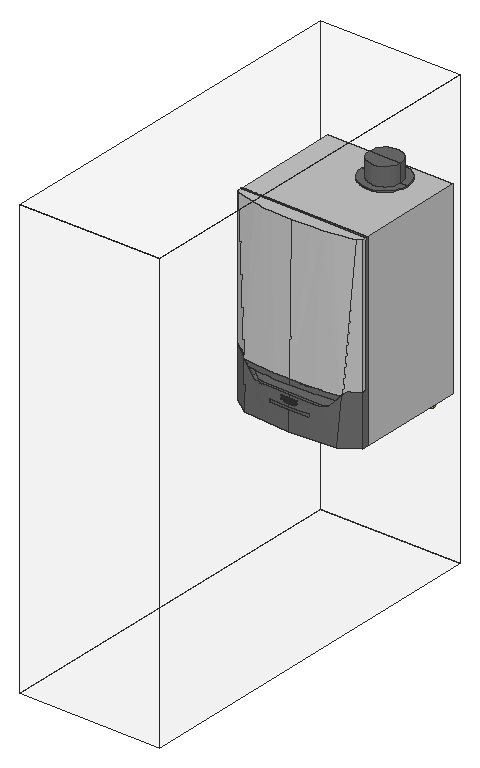
Revit family "Remeha_QuintaAce45_LOD5", category Mechanical Equipment, Revit 2016
Family settings
  Part Type = Normal
  Round Connector Dimension = Use Diameter
  OmniClass Number = 23.75.10.11.14
  OmniClass Title = Hot Water Heat Generators
  Work Plane-Based = No
  Always vertical = Yes
  Cut with Voids When Loaded = Yes
  Shared = No
  Room Calculation Point = No
Parameters (values of type "80/125 Conventional Flue Connection - 80 Connector")
  Weekly = ""
  Water Treatment Required = yes
  Water Content = 4.3 L
  Warranty ID = ""
  Voltage = 230 V
  URL = ""
  Type = "Space heating"
  Turndown Ratio = "5.02:1"
  Text Material = Paint - Black
  Supply Phase = 1
  Starting Current = 0 A
  Sound Pressure Level = "45.1"
  Shipping Weight = 61.00 kg
  Shape = "Rectangular (Vertical)"
  Safety Valve Connection Type = "Unset"
  Safety Valve Connection Size = 0.00 mm
  Responsible Sourcing of Materials = ""
  Responsible Extraction of Materials = ""
  Reference Standard = "GAR 2016/426, BED 92/42/EEC, ErP 2009/123/EC"
  Rated Output = 40800 W
  Rated Criteria = "80/60"
  Quarterly = ""
  Product Range = "Quinta Ace 45"
  Product Model Number = ""
  Product Literature = "https://www.remeha.co.uk/products/wall-hung-range/quinta-ace-30-115"
  Primary Fuel = "Gas - NG"
  Overall Width = 500.00 mm
  Overall Length = 500.00 mm
  Overall Height = 750.00 mm
  Optional Fuel = "LPG"
  Operation and Maintenance Manual = "https://www.remeha.co.uk/products/wall-hung-range/quinta-ace-30-115"
  Oil Consumption rate = 0
  Nominal Oil Inlet Pressure = 0.00000 bar
  Nominal Gas Inlet Pressure = 0.02000 bar
  NOx Emissions = "33"
  Mounting = "Wall Mounted"
  Monthly = ""
  Model = ""
  Minimum Power Consumption = 20 W
  Minimum Operating Pressure = 0.80000 bar
  Minimum Oil Inlet Pressure = 0.00000 bar
  Minimum Gas Inlet Pressure = 0.01700 bar
  Minimum Flow Rate at 20C temperature differential = 0.49 L/s
  Minimum Flow Rate at 11C temperature differential = 0.89 L/s
  Maximum Power Consumption = 75 W
  Maximum Operating Pressure = 4.00000 bar
  Maximum Oil Inlet Pressure = 0.00000 bar
  Maximum Gas Inlet Pressure = 0.02500 bar
  Material Ingredient Reporting = ""
  Manufacturer Website = "www.remeha.co.uk"
  Manufacturer = "Remeha Commercial"
  Maintenance Required 8001 to 12000hrs = ""
  Maintenance Required 601 to 1000hrs = ""
  Maintenance Required 4001 to 8000hrs = ""
  Maintenance Required 301 to 600hrs = ""
  Maintenance Required 2001 to 4000hrs = ""
  Maintenance Required 1001 to 2000hrs = ""
  Maintenance Required 0 to 300hrs = ""
  Location of Manufacturer = ""
  Load Classification = none
  Life Cycle Analysis = ""
  Interlocks = yes
  IfcExportType = "NOTDEFINED"  # constant formula
  IfcExportAs = "IfcBoilerType"  # constant formula
  IP Rating = "X4D"
  IK Rating = "Not Required"
  Hydraulic Resistance at 20C temperature differential = 0.11400 bar
  Hydraulic Resistance at 11C temperature differential = 0.37600 bar
  Heater Operation = "Condensing"
  Heat Exchanger Material = "Aluminium"
  Gross Weight = 54.30 kg
  Green Guide for Specification = ""
  Gas Consumption rate = "4.4"
  Fuse Rating = 2.5 A
  Full Load Current = 0 A
  Fuel Connection Type = "Threaded"
  Fuel Connection Size = 20.00 mm
  Frequency = 50 Hz
  Flue or Air Intake Classification = "B23p,B33,C13, C33, C53, C63, C93"
  Flue Radius = Air Inlet Connection Size / 2  # 62.50 mm
  Flue Connector Size = 80 mm
  Flue Connection size = 80.00 mm
  Flow and Return Connection Type = "Threaded"
  Flow and Return Connection Size = 32.00 mm
  Finish = "High Polish Gardner 60 GRAD 91EH"
  Features = "Remeha's Quinta Pro range are compact high efficiency wall hung condensing boilers. Lighter and more efficienct, their small size make them ideally suited to modular arrangments"
  External Material = "Steel"
  Expected Life = "15"
  ErP Seasonal Efficiency = "94"
  ErP Rated Efficiency at Part Load = "0"
  ErP Rated Efficiency at Full Load = "0"
  ErP Energy Label = "A"
  Environmental Product Declaration = ""
  Energy Technology List = "0"
  Embodied Carbon = ""
  Drain Connection Type = "Unset"
  Drain Connection Size = 25.00 mm
  Description = ""
  Daily = ""
  Control Type = "'0 - 10V, Open Therm, Volt free enable, Direct boiler weather compensating control systems available from Remeha as optional extra's."
  Configuration = "Single boiler"
  Condensate Drain Type = "Plain"
  Condensate Drain Size = 32.00 mm
  Colour = "RAL 9016"
  Clearance Box Visibility [instance] = yes
  Classification.Uniclass.Pr.Number [instance] = "Pr_60_60_08_34"
  Classification.Uniclass.Pr.Description [instance] = "Gas fired Condensing Boilers"
  CE Mark = "0063CS3928"
  Burner Control Type = "Modulating"
  Building Regulations Seasonal Efficiency = "97.64"
  Bespoke Timeframe = ""
  BMS Links = yes
  Annually = "As Per Attached URL O&M Manual"
  Air Inlet Connection Size = 125.00 mm
  Additional Technical Details = "https://www.remeha.co.uk/products/wall-hung-range/quinta-ace-30-115"
  Access Clearance Top = 400.00 mm
  Access Clearance Right = 30.00 mm
  Access Clearance Rear = 0.00 mm
  Access Clearance Left = 30.00 mm
  Access Clearance Front = 1000.00 mm
  Access Clearance Bottom = 600.00 mm
  6 Monthly = ""
Types (2, lengths in mm): name | Flue Connector Size
  80/125 Conventional Flue Connection - 80 Connector | 80
  80/125 Concentric Flue Connection - 125 Connector | 125
Reference planes
  plane 1 "Center (Front/Back)": y = 0
  plane 2: z = 0
  plane 3 "Center (Left/Right)": x = 0
  plane 4: y = -50
  plane 5: y = -75
  plane 6: x = -115
  plane 7: x = 59
  plane 8: x = 119.4
  plane 9: x = 200
  plane 10: x = 250
  plane 11: y = -101
  plane 12: x = -250
  plane 13: y = -500
  plane 14: x = -280
  plane 15: x = 280
  plane 16: y = -1500
  plane 17: y = 0
  plane 18: z = 750
  plane 19: z = 1150
  plane 20: z = -600
  plane 21: z = 824.467
Forms (mm)
  Sweep 1, solid, material "101_240_115"
    path origin (453.507, -50, 3000) x (1, 0, 0) y (0, 0, 1)
      loop
        line (-568.507, -3039.462) -> (-568.507, -3000)
    profile origin (-115, -50, -19.731) x (-1, 0, 0) y (0, -1, 0)
      loop
        circle (0, 0) r 21.2
  Sweep 2, solid
    path origin (453.507, -75, 3000) x (1, 0, 0) y (0, 0, 1)
      loop
        line (-394.507, -3012.462) -> (-394.507, -3000)
    profile origin (59, -75, -6.231) x (-1, 0, 0) y (0, -1, 0)
      loop
        circle (0, 0) r 16.25
  Sweep 3, solid, material "229_0_0"
    path origin (687.907, -50, 3000) x (1, 0, 0) y (0, 0, 1)
      loop
        line (-568.507, -3039.662) -> (-568.507, -3000)
    profile origin (119.4, -50, -19.831) x (-1, 0, 0) y (0, -1, 0)
      loop
        circle (0, 0) r 21.2
  Sweep 4, solid, material "229_229_0"
    path origin (768.507, -50, 3000) x (1, 0, 0) y (0, 0, 1)
      loop
        line (-568.507, -3040) -> (-568.507, -3000)
    profile origin (200, -50, -20) x (-1, 0, 0) y (0, -1, 0)
      loop
        circle (0, 0) r 13.5
  Revolve 5, solid, material "51_51_51"
    sketch origin (453.507, -101, 2990) x (1, 0, 0) y (0, 0, 1)
      loop
        line (-394.507, -2240) -> (-303.507, -2240) -> (-303.507, -2236.533) -> (-332.007, -2236.533) -> (-332.007, -2165.533) -> (-394.507, -2165.533) -> (-394.507, -2240)
      axis (-394.507, -2165.533) -> (-394.507, -2240)
    angle from 0 to 360
  Extrusion 6, solid, material "192_192_192"
    sketch origin (0, 5.687, 0) x (1, 0, 0) y (0, 1, 0)
      loop
        line (-250, -5.687) -> (-250, -432.687) -> (250, -432.687) -> (250, -5.687) -> (-250, -5.687)
    from 0 to 750
  Blend 7, solid, material "51_51_51"
    base sketch origin (0, 5.69, 0) x (1, 0, 0) y (0, 1, 0)
      loop
        line (249.735, -456.82) -> (250.139, -433.688) -> (-250.139, -433.688) -> (-249.735, -456.82) -> (-184.568, -502.286)
        arc (-184.568, -502.286) -> (-92.429, -510.231) -> (0, -513.311) r 1755.189
        arc (0, -513.311) -> (92.429, -510.231) -> (184.568, -502.286) r 1755.189
        line (184.568, -502.286) -> (249.735, -456.82)
    top sketch origin (0, 5.69, 0) x (1, 0, 0) y (0, 1, 0)
      loop
        line (250.139, -433.688) -> (-250.139, -433.688) -> (-249.716, -457.885) -> (-235.73, -467.643)
        arc (-235.73, -467.643) -> (-118.82, -490.038) -> (0, -497.214) r 923.864
        arc (0, -497.214) -> (118.82, -490.038) -> (235.73, -467.643) r 923.864
        line (235.73, -467.643) -> (249.716, -457.885) -> (250.139, -433.688)
    from 0 to 750
  Extrusion 8, void
    sketch origin (0, 0, 0) x (1, 0, 0) y (0, 0, 1)
      loop
        arc (-216.741, 202.277) -> (-209.657, 200.826) -> (-203.818, 196.561) r 17
        line (-203.818, 196.561) -> (-154.08, 141.623)
        arc (-154.08, 141.623) -> (-140.311, 131.663) -> (-123.686, 128.141) r 41
        line (-123.686, 128.141) -> (123.686, 128.141)
        arc (123.686, 128.141) -> (140.311, 131.663) -> (154.08, 141.623) r 41
        line (154.08, 141.623) -> (203.818, 196.561)
        arc (203.818, 196.561) -> (209.657, 200.826) -> (216.741, 202.277) r 17
        line (216.741, 202.277) -> (251.211, 201.857) -> (251.211, 781.159) -> (-251, 781.159) -> (-251, 201.86) -> (-216.741, 202.277)
      loop
        line (-190.992, 184.8) -> (-177.118, 169.664)
        arc (-177.118, 169.664) -> (-172.1, 166.07) -> (-166.06, 164.8) r 15
        line (-166.06, 164.8) -> (166.06, 164.8)
        arc (166.06, 164.8) -> (172.1, 166.07) -> (177.118, 169.664) r 15
        line (177.118, 169.664) -> (190.992, 184.8) -> (-190.992, 184.8)
    from 433.688 to 506.661
  Extrusion 9, void
    sketch origin (0, 5.69, 0) x (0, 1, 0) y (0, 0, 1)
      loop
        line (-507.075, 87.668) -> (-512.351, 87.668) -> (-512.351, 74.979) -> (-507.075, 74.979) -> (-507.075, 87.668)
    from -80 to 80
  Extrusion 10, solid, material "51_51_51"
    sketch origin (0, 5.69, 0) x (0, 1, 0) y (0, 0, 1)
      loop
        line (-494.881, 127.103) -> (-439.378, 127.103) -> (-439.378, 169.103) -> (-474.396, 169.103) -> (-494.881, 127.103)
    from -180 to 180
  Blend 11, solid, material "192_192_192"
    base sketch origin (0, 5.69, 0) x (1, 0, 0) y (0, 1, 0)
      loop
        line (249.735, -456.82) -> (250.139, -433.688) -> (-250.139, -433.688) -> (-249.735, -456.82) -> (-184.568, -502.286)
        arc (-184.568, -502.286) -> (-92.429, -510.231) -> (0, -513.311) r 1755.189
        arc (0, -513.311) -> (92.429, -510.231) -> (184.568, -502.286) r 1755.189
        line (184.568, -502.286) -> (249.735, -456.82)
    top sketch origin (0, 5.69, 0) x (1, 0, 0) y (0, 1, 0)
      loop
        line (250.139, -433.688) -> (-250.139, -433.688) -> (-249.716, -457.885) -> (-235.73, -467.643)
        arc (-235.73, -467.643) -> (-118.82, -490.038) -> (0, -497.214) r 923.864
        arc (0, -497.214) -> (118.82, -490.038) -> (235.73, -467.643) r 923.864
        line (235.73, -467.643) -> (249.716, -457.885) -> (250.139, -433.688)
    from 0 to 750
  Extrusion 12, void
    sketch origin (1400, 0, 0) x (1, 0, 0) y (0, 0, 1)
      loop
        line (-1651, 0) -> (-1148.789, 0) -> (-1148.789, 203.538) -> (-1183.579, 203.961)
        arc (-1183.579, 203.961) -> (-1191.131, 202.462) -> (-1197.432, 198.036) r 18.627
        line (-1197.432, 198.036) -> (-1206.67, 188.061)
        arc (-1206.67, 188.061) -> (-1208.371, 186.852) -> (-1210.413, 186.426) r 5.101
        line (-1210.413, 186.426) -> (-1400, 186.426) -> (-1589.587, 186.426)
        arc (-1589.587, 186.426) -> (-1591.629, 186.852) -> (-1593.33, 188.061) r 5.101
        line (-1593.33, 188.061) -> (-1602.568, 198.036)
        arc (-1602.568, 198.036) -> (-1608.869, 202.462) -> (-1616.421, 203.961) r 18.627
        line (-1616.421, 203.961) -> (-1651, 203.54) -> (-1651, 0)
    from 433.69 to 511.105
  Extrusion 13, solid, material "Clearance", visible <- "Clearance Box Visibility"
    sketch origin (0, 0, 0) x (1, 0, 0) y (0, 1, 0)
      loop
        line (-280, 0) -> (-280, -1500) -> (280, -1500) -> (280, 0) -> (-280, 0)
    from -600 to 1150
  Extrusion 14, solid, material "Paint - Black" <- "Text Material"
    sketch origin (0, 0, 0) x (1, 0, 0) y (0, 0, 1)
      loop
        line (-30.625, 120.395) -> (-30.625, 118.213) -> (30.625, 118.213) -> (30.625, 120.395) -> (-30.625, 120.395)
      loop
        line (-30.625, 106.032) -> (30.625, 106.032) -> (30.625, 108.213) -> (-30.625, 108.213) -> (-30.625, 106.032)
      loop
        line (-28.307, 116.676) -> (-28.307, 109.282) -> (-20.805, 109.282) -> (-20.805, 112.183) -> (-19.053, 112.183)
        arc (-19.053, 112.183) -> (-18.314, 111.847) -> (-18.083, 111.068) r 0.979
        arc (-18.083, 111.068) -> (-18.083, 110.157) -> (-17.832, 109.282) r 3.272
        line (-17.832, 109.282) -> (-16.376, 109.282)
        arc (-16.376, 109.282) -> (-16.561, 110.336) -> (-16.618, 111.404) r 8.915
        arc (-16.618, 111.404) -> (-16.885, 112.268) -> (-17.601, 112.822) r 1.5
        arc (-17.601, 112.822) -> (-16.323, 115.034) -> (-18.28, 116.676) r 1.987
        line (-18.28, 116.676) -> (-20.805, 116.676) -> (-28.307, 116.676)
      loop
        line (-20.805, 115.402) -> (-20.805, 113.382) -> (-18.787, 113.382)
        arc (-18.787, 113.382) -> (-18.37, 113.534) -> (-18.148, 113.918) r 0.649
        arc (-18.148, 113.918) -> (-18.033, 114.426) -> (-18.159, 114.93) r 1.124
        arc (-18.159, 114.93) -> (-18.505, 115.276) -> (-18.976, 115.402) r 0.944
        line (-18.976, 115.402) -> (-20.805, 115.402)
      loop
        line (-26.948, 115.402) -> (-26.948, 110.655) -> (-22.202, 110.655) -> (-22.202, 115.402) -> (-26.948, 115.402)
      loop
        line (-9.068, 114.754) -> (-10.47, 114.754) -> (-10.47, 109.282) -> (-8.958, 109.282) -> (-8.958, 112.222)
        arc (-8.958, 112.222) -> (-8.681, 113.022) -> (-7.968, 113.478) r 1.291
        arc (-7.968, 113.478) -> (-7.458, 113.497) -> (-6.98, 113.316) r 1.291
        line (-6.98, 113.316) -> (-6.98, 114.889)
        arc (-6.98, 114.889) -> (-8.226, 114.723) -> (-9.068, 113.79) r 1.823
        line (-9.068, 113.79) -> (-9.068, 114.754)
      loop
        line (-5.139, 111.705) -> (-1.277, 111.705)
        arc (-1.277, 111.705) -> (-3.967, 114.88) -> (-6.562, 111.627) r 2.694
        arc (-6.562, 111.627) -> (-4.23, 109.192) -> (-1.394, 111.016) r 2.651
        line (-1.394, 111.016) -> (-2.704, 111.016)
        arc (-2.704, 111.016) -> (-4.224, 110.293) -> (-5.139, 111.705) r 1.276
      loop
        line (-5.147, 112.62) -> (-2.707, 112.62)
        arc (-2.707, 112.62) -> (-3.927, 113.841) -> (-5.147, 112.62) r 1.22
      loop
        line (1.337, 113.988) -> (1.337, 114.776) -> (-0.066, 114.776) -> (-0.066, 109.389) -> (1.396, 109.389) -> (1.396, 112.819)
        arc (1.396, 112.819) -> (2.357, 113.78) -> (3.318, 112.819) r 0.961
        line (3.318, 112.819) -> (3.318, 109.389) -> (4.781, 109.389) -> (4.781, 112.819)
        arc (4.781, 112.819) -> (5.723, 113.761) -> (6.665, 112.819) r 0.942
        line (6.665, 112.819) -> (6.665, 109.389) -> (8.107, 109.389) -> (8.107, 112.925)
        arc (8.107, 112.925) -> (8.131, 113.503) -> (7.91, 114.038) r 1.349
        arc (7.91, 114.038) -> (6.224, 114.92) -> (4.538, 114.038) r 2.053
        arc (4.538, 114.038) -> (2.923, 114.936) -> (1.337, 113.988) r 1.848
      loop
        line (10.835, 111.705) -> (14.697, 111.705)
        arc (14.697, 111.705) -> (12.007, 114.88) -> (9.413, 111.627) r 2.694
        arc (9.413, 111.627) -> (11.745, 109.192) -> (14.58, 111.016) r 2.651
        line (14.58, 111.016) -> (13.271, 111.016)
        arc (13.271, 111.016) -> (11.751, 110.293) -> (10.835, 111.705) r 1.276
      loop
        line (10.827, 112.62) -> (13.268, 112.62)
        arc (13.268, 112.62) -> (12.048, 113.841) -> (10.827, 112.62) r 1.22
      loop
        line (17.364, 116.805) -> (15.821, 116.805) -> (15.821, 109.416) -> (17.364, 109.416) -> (17.364, 112.62)
        arc (17.364, 112.62) -> (18.386, 113.878) -> (19.408, 112.62) r 1.044
        line (19.408, 112.62) -> (19.408, 109.416) -> (20.934, 109.416) -> (20.934, 113.081)
        arc (20.934, 113.081) -> (19.516, 114.929) -> (17.364, 114.038) r 1.913
        line (17.364, 114.038) -> (17.364, 116.805)
      loop
        line (22.242, 113.094) -> (23.722, 113.094)
        arc (23.722, 113.094) -> (23.883, 113.574) -> (24.311, 113.847) r 0.76
        arc (24.311, 113.847) -> (24.781, 113.923) -> (25.255, 113.868) r 1.739
        arc (25.255, 113.868) -> (25.672, 113.375) -> (25.347, 112.817) r 0.559
        arc (25.347, 112.817) -> (24.586, 112.573) -> (23.79, 112.514) r 3.395
        arc (23.79, 112.514) -> (23.01, 112.359) -> (22.39, 111.862) r 1.672
        arc (22.39, 111.862) -> (22.047, 110.754) -> (22.507, 109.69) r 1.672
        arc (22.507, 109.69) -> (23.456, 109.312) -> (24.477, 109.296) r 2.817
        arc (24.477, 109.296) -> (25.226, 109.546) -> (25.673, 110.197) r 1.24
        arc (25.673, 110.197) -> (25.722, 109.795) -> (25.841, 109.407) r 2.328
        line (25.841, 109.407) -> (27.312, 109.407)
        arc (27.312, 109.407) -> (27.148, 109.949) -> (27.093, 110.512) r 2.901
        line (27.093, 110.512) -> (27.093, 113.568)
        arc (27.093, 113.568) -> (26.736, 114.43) -> (25.874, 114.787) r 1.219
        arc (25.874, 114.787) -> (24.773, 114.91) -> (23.672, 114.787) r 4.994
        arc (23.672, 114.787) -> (22.673, 114.18) -> (22.242, 113.094) r 1.837
      loop
        arc (23.575, 111.229) -> (23.583, 110.746) -> (23.888, 110.371) r 0.737
        arc (23.888, 110.371) -> (24.388, 110.254) -> (24.895, 110.337) r 1.324
        arc (24.895, 110.337) -> (25.433, 110.755) -> (25.637, 111.405) r 1.14
        line (25.637, 111.405) -> (25.637, 112.191)
        arc (25.637, 112.191) -> (25.209, 111.86) -> (24.672, 111.801) r 0.999
        arc (24.672, 111.801) -> (24.028, 111.698) -> (23.575, 111.229) r 1.029
      loop
        line (-14.73, 105.293) -> (-14.73, 102.893)
        arc (-14.73, 102.893) -> (-14.262, 101.761) -> (-13.13, 101.293) r 1.6
        line (-13.13, 101.293) -> (-11.33, 101.293)
        arc (-11.33, 101.293) -> (-10.199, 101.761) -> (-9.73, 102.893) r 1.6
        line (-9.73, 102.893) -> (-9.73, 105.293) -> (-10.73, 105.293) -> (-10.73, 102.893)
        arc (-10.73, 102.893) -> (-10.965, 102.327) -> (-11.53, 102.093) r 0.8
        line (-11.53, 102.093) -> (-12.93, 102.093)
        arc (-12.93, 102.093) -> (-13.496, 102.327) -> (-13.73, 102.893) r 0.8
        line (-13.73, 102.893) -> (-13.73, 105.293) -> (-14.73, 105.293)
      loop
        line (23.957, 105.293) -> (19.757, 105.293) -> (19.757, 101.293) -> (23.957, 101.293) -> (23.957, 102.093) -> (20.757, 102.093) -> (20.757, 102.893) -> (23.957, 102.893) -> (23.957, 103.693) -> (20.757, 103.693) -> (20.757, 104.493) -> (23.957, 104.493) -> (23.957, 105.293)
      loop
        line (14.257, 103.693) -> (14.257, 102.893)
        arc (14.257, 102.893) -> (14.726, 101.761) -> (15.857, 101.293) r 1.6
        line (15.857, 101.293) -> (17.657, 101.293)
        arc (17.657, 101.293) -> (18.789, 101.761) -> (19.257, 102.893) r 1.6
        line (19.257, 102.893) -> (18.257, 102.893)
        arc (18.257, 102.893) -> (18.023, 102.327) -> (17.457, 102.093) r 0.8
        line (17.457, 102.093) -> (16.057, 102.093)
        arc (16.057, 102.093) -> (15.492, 102.327) -> (15.257, 102.893) r 0.8
        line (15.257, 102.893) -> (15.257, 103.693)
        arc (15.257, 103.693) -> (15.492, 104.259) -> (16.057, 104.493) r 0.8
        line (16.057, 104.493) -> (17.457, 104.493)
        arc (17.457, 104.493) -> (18.023, 104.259) -> (18.257, 103.693) r 0.8
        line (18.257, 103.693) -> (19.257, 103.693)
        arc (19.257, 103.693) -> (18.789, 104.824) -> (17.657, 105.293) r 1.6
        line (17.657, 105.293) -> (15.857, 105.293)
        arc (15.857, 105.293) -> (14.726, 104.824) -> (14.257, 103.693) r 1.6
      loop
        line (10.851, 105.293) -> (9.07, 101.293) -> (10.164, 101.293) -> (10.521, 102.093) -> (12.619, 102.093) -> (12.975, 101.293) -> (14.07, 101.293) -> (12.289, 105.293) -> (10.851, 105.293)
      loop
        line (10.877, 102.893) -> (12.263, 102.893) -> (11.57, 104.449) -> (10.877, 102.893)
      loop
        line (-20.23, 103.693) -> (-20.23, 102.893)
        arc (-20.23, 102.893) -> (-19.762, 101.761) -> (-18.63, 101.293) r 1.6
        line (-18.63, 101.293) -> (-16.83, 101.293)
        arc (-16.83, 101.293) -> (-16.428, 101.344) -> (-16.052, 101.495) r 1.6
        line (-16.052, 101.495) -> (-15.593, 100.84) -> (-14.937, 101.299) -> (-15.467, 102.055)
        arc (-15.467, 102.055) -> (-15.291, 102.458) -> (-15.23, 102.893) r 1.6
        line (-15.23, 102.893) -> (-15.23, 103.693)
        arc (-15.23, 103.693) -> (-15.699, 104.824) -> (-16.83, 105.293) r 1.6
        line (-16.83, 105.293) -> (-18.63, 105.293)
        arc (-18.63, 105.293) -> (-19.762, 104.824) -> (-20.23, 103.693) r 1.6
      loop
        line (-19.23, 103.693) -> (-19.23, 102.893)
        arc (-19.23, 102.893) -> (-18.996, 102.327) -> (-18.43, 102.093) r 0.8
        line (-18.43, 102.093) -> (-17.03, 102.093)
        arc (-17.03, 102.093) -> (-16.465, 102.327) -> (-16.23, 102.893) r 0.8
        line (-16.23, 102.893) -> (-16.23, 103.693)
        arc (-16.23, 103.693) -> (-16.465, 104.259) -> (-17.03, 104.493) r 0.8
        line (-17.03, 104.493) -> (-18.43, 104.493)
        arc (-18.43, 104.493) -> (-18.996, 104.259) -> (-19.23, 103.693) r 0.8
      loop
        line (-9.23, 105.293) -> (-9.23, 101.293) -> (-8.23, 101.293) -> (-8.23, 105.293) -> (-9.23, 105.293)
      loop
        line (-7.73, 105.293) -> (-7.73, 101.293) -> (-6.73, 101.293) -> (-6.73, 104.493) -> (-4.405, 101.293) -> (-2.73, 101.293) -> (-2.73, 105.293) -> (-3.73, 105.293) -> (-3.73, 102.093) -> (-6.055, 105.293) -> (-7.73, 105.293)
      loop
        line (-2.23, 105.293) -> (-2.23, 104.493) -> (-0.23, 104.493) -> (-0.23, 101.293) -> (0.77, 101.293) -> (0.77, 104.493) -> (2.77, 104.493) -> (2.77, 105.293) -> (-2.23, 105.293)
      loop
        line (3.851, 105.293) -> (2.07, 101.293) -> (3.164, 101.293) -> (3.521, 102.093) -> (5.619, 102.093) -> (5.975, 101.293) -> (7.07, 101.293) -> (5.289, 105.293) -> (3.851, 105.293)
      loop
        line (3.877, 102.893) -> (5.263, 102.893) -> (4.57, 104.449) -> (3.877, 102.893)
    from 505 to 506.998
Cuts and joins
  Extrusion 8, Extrusion 9 cuts Blend 7
  joined: Blend 7, Extrusion 10
  Extrusion 12 cuts Blend 11
Dimensions and locks
  locked: plane 4 to plane 1 "Center (Front/Back)" at 50
  locked: plane 5 to plane 1 "Center (Front/Back)" at 75
  locked: plane 9 to plane 10 at 50
  locked: plane 8 to plane 10 at 130.6
  locked: plane 7 to plane 10 at 191
  locked: plane 6 to plane 10 at 365
  locked: plane 11 to plane 1 "Center (Front/Back)" at 101
  "Flue Radius": Revolve 5 sketch curve to plane 7
  locked: Revolve 5 sketch curve to plane 7 at 91
  equal spacing: plane 12, plane 3 "Center (Left/Right)", plane 10
  locked: plane 13 to plane 1 "Center (Front/Back)" at 500
  "Access Clearance Front": plane 16 to plane 13
  "Access Clearance Rear": plane 1 "Center (Front/Back)" to plane 17
  locked: plane 12 to plane 10 at 500
  "Access Clearance Right": plane 10 to plane 15
  "Access Clearance Left": plane 14 to plane 12
  "Overall Height": plane 18 to plane 2
  "Access Clearance Bottom": plane 2 to plane 20
  "Access Clearance Top": plane 19 to plane 18
  locked: plane 21 to plane 18 at 74.467
  plane 3 "Center (Left/Right)" to Extrusion 13 = 280.00 mm
  aligned and locked: level to plane 2
  aligned and locked: plane 6 to Sweep 1 sketch curve
  aligned and locked: profile plane to Sweep 1 sketch curve  (x2)
  aligned and locked: profile plane to Sweep 2 sketch curve  (x2)
  aligned and locked: Sweep 2 sketch curve to plane 7
  aligned and locked: profile plane to Sweep 3 sketch curve  (x2)
  aligned and locked: plane 8 to Sweep 3 sketch curve
  aligned and locked: profile plane to Sweep 4 sketch curve  (x2)
  aligned and locked: plane 9 to Sweep 4 sketch curve
  aligned and locked: Revolve 5 sketch curve to plane 7
  aligned and locked: plane 17 to Extrusion 13 sketch curve
  aligned and locked: plane 14 to Extrusion 13 sketch curve
  aligned and locked: Extrusion 13 sketch curve to plane 15
  aligned and locked: Extrusion 13 sketch curve to plane 16
  aligned and locked: Revolve 5 to plane 21
  aligned and locked: Revolve 5 to plane 18
  aligned and locked: Extrusion 13 to plane 19
Automatic sketch dimensions
  Sweep 1 sketch curve to level = 0.00 mm
  Sweep 1 sketch curve to level = 39.462 mm
  Sweep 2 sketch curve to level = 0.00 mm
  Sweep 2 sketch curve to level = 12.462 mm
  Sweep 3 sketch curve to level = 0.00 mm
  Sweep 3 sketch curve to Sweep 3 sketch curve = 39.662 mm
  Sweep 4 sketch curve to level = 0.00 mm
  Sweep 4 sketch curve to Sweep 4 sketch curve = 40.00 mm
  Extrusion 6 sketch curve to plane 10 = 0.00 mm
  plane 1 "Center (Front/Back)" to Extrusion 6 sketch curve = 0.00 mm
  Extrusion 6 sketch curve to plane 6 = 135.00 mm
  plane 11 to Extrusion 6 sketch curve = 326.00 mm
  Blend 7 sketch curve to plane 3 "Center (Left/Right)" = 0.00 mm  (x2)
  Blend 7 sketch curve to plane 3 "Center (Left/Right)" = 12.233 mm
  Blend 7 sketch curve to plane 6 = 69.568 mm
  Blend 7 sketch curve to Blend 7 sketch curve = 65.167 mm
  Blend 7 sketch curve to Blend 7 sketch curve = 0.404 mm
  plane 3 "Center (Left/Right)" to Blend 7 sketch curve = 12.233 mm
  Blend 7 sketch curve to plane 9 = 15.432 mm
  Blend 7 sketch curve to plane 10 = 0.265 mm
  plane 10 to Blend 7 sketch curve = 0.139 mm  (x2)
  plane 11 to Blend 7 sketch curve = 395.596 mm
  Blend 7 sketch curve to Blend 7 sketch curve = 0.00 mm
  Blend 7 sketch curve to Blend 7 sketch curve = 45.466 mm  (x2)
  Blend 7 sketch curve to Blend 7 sketch curve = 23.133 mm
  Blend 7 sketch curve to plane 1 "Center (Front/Back)" = 1247.525 mm
  Blend 7 sketch curve to plane 3 "Center (Left/Right)" = 3.828 mm
  Blend 7 sketch curve to plane 6 = 120.73 mm
  Blend 7 sketch curve to Blend 7 sketch curve = 13.986 mm
  Blend 7 sketch curve to Blend 7 sketch curve = 0.422 mm
  plane 3 "Center (Left/Right)" to Blend 7 sketch curve = 3.828 mm
  Blend 7 sketch curve to plane 10 = 14.27 mm
  Blend 7 sketch curve to plane 10 = 0.284 mm
  plane 11 to Blend 7 sketch curve = 360.953 mm
  plane 1 "Center (Front/Back)" to Blend 7 sketch curve = 461.953 mm
  Blend 7 sketch curve to Blend 7 sketch curve = 9.758 mm  (x2)
  Blend 7 sketch curve to Blend 7 sketch curve = 24.198 mm
  Blend 7 sketch curve to plane 1 "Center (Front/Back)" = 432.332 mm
  Extrusion 8 sketch curve to plane 6 = 136.00 mm
  Extrusion 8 sketch curve to Extrusion 8 sketch curve = 34.259 mm
  Extrusion 8 sketch curve to Extrusion 8 sketch curve = 0.207 mm
  Extrusion 8 sketch curve to Extrusion 8 sketch curve = 12.923 mm  (x2)
  Extrusion 8 sketch curve to Extrusion 8 sketch curve = 12.826 mm
  Extrusion 8 sketch curve to Extrusion 8 sketch curve = 13.874 mm
  Extrusion 8 sketch curve to Extrusion 8 sketch curve = 11.057 mm  (x2)
  Extrusion 8 sketch curve to Extrusion 8 sketch curve = 11.98 mm  (x2)
  Extrusion 8 sketch curve to plane 6 = 8.686 mm
  plane 8 to Extrusion 8 sketch curve = 4.286 mm
  Extrusion 8 sketch curve to Extrusion 8 sketch curve = 30.394 mm
  Extrusion 8 sketch curve to plane 9 = 9.008 mm
  plane 9 to Extrusion 8 sketch curve = 3.818 mm
  plane 9 to Extrusion 8 sketch curve = 16.534 mm
  plane 10 to Extrusion 8 sketch curve = 1.211 mm
  level to Extrusion 8 sketch curve = 128.141 mm
  Extrusion 8 sketch curve to Extrusion 8 sketch curve = 13.483 mm  (x2)
  Extrusion 8 sketch curve to Extrusion 8 sketch curve = 23.177 mm
  Extrusion 8 sketch curve to Extrusion 8 sketch curve = 4.864 mm  (x2)
  Extrusion 8 sketch curve to Extrusion 8 sketch curve = 15.136 mm
  Extrusion 8 sketch curve to Extrusion 8 sketch curve = 0.478 mm  (x2)
  Extrusion 8 sketch curve to Extrusion 8 sketch curve = 11.283 mm  (x2)
  Extrusion 8 sketch curve to Extrusion 8 sketch curve = 0.42 mm
  Extrusion 8 sketch curve to Extrusion 8 sketch curve = 0.417 mm
  Extrusion 8 sketch curve to Extrusion 8 sketch curve = 579.299 mm
  level to Extrusion 9 sketch curve = 87.668 mm
  plane 11 to Extrusion 9 sketch curve = 405.661 mm
  Extrusion 9 sketch curve to Extrusion 9 sketch curve = 5.277 mm
  Extrusion 9 sketch curve to Extrusion 9 sketch curve = 12.689 mm
  level to Extrusion 10 sketch curve = 127.103 mm
  plane 11 to Extrusion 10 sketch curve = 388.191 mm
  Extrusion 10 sketch curve to Extrusion 10 sketch curve = 20.485 mm
  Extrusion 10 sketch curve to Extrusion 10 sketch curve = 35.018 mm
  Extrusion 10 sketch curve to Extrusion 10 sketch curve = 42.00 mm
  Blend 11 sketch curve to plane 3 "Center (Left/Right)" = 0.00 mm  (x2)
  Blend 11 sketch curve to plane 3 "Center (Left/Right)" = 12.233 mm
  Blend 11 sketch curve to plane 6 = 69.568 mm
  Blend 11 sketch curve to Blend 11 sketch curve = 65.167 mm
  Blend 11 sketch curve to Blend 11 sketch curve = 0.404 mm
  plane 3 "Center (Left/Right)" to Blend 11 sketch curve = 12.233 mm
  Blend 11 sketch curve to plane 9 = 15.432 mm
  Blend 11 sketch curve to plane 10 = 0.265 mm
  plane 10 to Blend 11 sketch curve = 0.139 mm  (x2)
  plane 11 to Blend 11 sketch curve = 395.596 mm
  Blend 11 sketch curve to Blend 11 sketch curve = 0.00 mm
  Blend 11 sketch curve to Blend 11 sketch curve = 45.466 mm  (x2)
  Blend 11 sketch curve to Blend 11 sketch curve = 23.133 mm
  Blend 11 sketch curve to plane 1 "Center (Front/Back)" = 1247.525 mm
  Blend 11 sketch curve to plane 3 "Center (Left/Right)" = 3.828 mm
  Blend 11 sketch curve to plane 6 = 120.73 mm
  Blend 11 sketch curve to Blend 11 sketch curve = 13.986 mm
  Blend 11 sketch curve to Blend 11 sketch curve = 0.422 mm
  plane 3 "Center (Left/Right)" to Blend 11 sketch curve = 3.828 mm
  Blend 11 sketch curve to plane 10 = 14.27 mm
  Blend 11 sketch curve to plane 10 = 0.284 mm
  plane 11 to Blend 11 sketch curve = 360.953 mm
  plane 1 "Center (Front/Back)" to Blend 11 sketch curve = 461.953 mm
  Blend 11 sketch curve to Blend 11 sketch curve = 9.758 mm  (x2)
  Blend 11 sketch curve to Blend 11 sketch curve = 24.198 mm
  Blend 11 sketch curve to plane 1 "Center (Front/Back)" = 432.332 mm
  Extrusion 12 sketch curve to level = 0.00 mm
  Extrusion 12 sketch curve to plane 3 "Center (Left/Right)" = 0.00 mm
  Extrusion 12 sketch curve to plane 6 = 74.587 mm
  Extrusion 12 sketch curve to Extrusion 12 sketch curve = 3.742 mm  (x2)
  Extrusion 12 sketch curve to Extrusion 12 sketch curve = 9.238 mm
  Extrusion 12 sketch curve to Extrusion 12 sketch curve = 13.626 mm
  Extrusion 12 sketch curve to Extrusion 12 sketch curve = 13.853 mm  (x2)
  Extrusion 12 sketch curve to plane 6 = 136.00 mm
  Extrusion 12 sketch curve to plane 9 = 10.413 mm
  plane 9 to Extrusion 12 sketch curve = 2.568 mm
  plane 9 to Extrusion 12 sketch curve = 16.194 mm
  plane 10 to Extrusion 12 sketch curve = 1.211 mm
  level to Extrusion 12 sketch curve = 185.336 mm  (x2)
  Extrusion 12 sketch curve to Extrusion 12 sketch curve = 1.09 mm
  Extrusion 12 sketch curve to Extrusion 12 sketch curve = 1.635 mm  (x2)
  Extrusion 12 sketch curve to Extrusion 12 sketch curve = 9.975 mm  (x2)
  Extrusion 12 sketch curve to Extrusion 12 sketch curve = 0.424 mm
  Extrusion 12 sketch curve to Extrusion 12 sketch curve = 0.421 mm
  Extrusion 14 sketch curve to Extrusion 14 sketch curve = 0.00 mm  (x35)
  Extrusion 14 sketch curve to plane 3 "Center (Left/Right)" = 30.625 mm
  Extrusion 14 sketch curve to Extrusion 14 sketch curve = 2.318 mm
  Extrusion 14 sketch curve to Extrusion 14 sketch curve = 1.36 mm
  Extrusion 14 sketch curve to Extrusion 14 sketch curve = 4.746 mm
  Extrusion 14 sketch curve to Extrusion 14 sketch curve = 1.397 mm  (x2)
  Extrusion 14 sketch curve to Extrusion 14 sketch curve = 0.575 mm
  Extrusion 14 sketch curve to Extrusion 14 sketch curve = 1.00 mm  (x9)
  Extrusion 14 sketch curve to Extrusion 14 sketch curve = 1.648 mm
  Extrusion 14 sketch curve to Extrusion 14 sketch curve = 1.752 mm
  Extrusion 14 sketch curve to Extrusion 14 sketch curve = 0.18 mm
  Extrusion 14 sketch curve to Extrusion 14 sketch curve = 0.19 mm
  Extrusion 14 sketch curve to Extrusion 14 sketch curve = 0.60 mm  (x9)
  Extrusion 14 sketch curve to Extrusion 14 sketch curve = 0.20 mm  (x10)
  Extrusion 14 sketch curve to Extrusion 14 sketch curve = 0.696 mm
  Extrusion 14 sketch curve to Extrusion 14 sketch curve = 0.935 mm
  Extrusion 14 sketch curve to Extrusion 14 sketch curve = 0.286 mm  (x2)
  Extrusion 14 sketch curve to Extrusion 14 sketch curve = 1.40 mm  (x3)
  Extrusion 14 sketch curve to Extrusion 14 sketch curve = 1.456 mm
  Extrusion 14 sketch curve to Extrusion 14 sketch curve = 0.779 mm
  Extrusion 14 sketch curve to Extrusion 14 sketch curve = 0.459 mm
  Extrusion 14 sketch curve to Extrusion 14 sketch curve = 0.584 mm
  Extrusion 14 sketch curve to Extrusion 14 sketch curve = 0.655 mm
  Extrusion 14 sketch curve to Extrusion 14 sketch curve = 1.533 mm
  Extrusion 14 sketch curve to Extrusion 14 sketch curve = 0.50 mm  (x5)
  Extrusion 14 sketch curve to Extrusion 14 sketch curve = 4.373 mm
  Extrusion 14 sketch curve to Extrusion 14 sketch curve = 1.402 mm
  Extrusion 14 sketch curve to Extrusion 14 sketch curve = 1.512 mm
  Extrusion 14 sketch curve to Extrusion 14 sketch curve = 1.255 mm
  Extrusion 14 sketch curve to Extrusion 14 sketch curve = 0.036 mm
  Extrusion 14 sketch curve to Extrusion 14 sketch curve = 0.29 mm
  Extrusion 14 sketch curve to Extrusion 14 sketch curve = 0.396 mm
  Extrusion 14 sketch curve to Extrusion 14 sketch curve = 0.675 mm  (x2)
  Extrusion 14 sketch curve to Extrusion 14 sketch curve = 1.833 mm
  Extrusion 14 sketch curve to Extrusion 14 sketch curve = 0.008 mm  (x2)
  Extrusion 14 sketch curve to Extrusion 14 sketch curve = 2.325 mm
  Extrusion 14 sketch curve to Extrusion 14 sketch curve = 1.22 mm  (x2)
  Extrusion 14 sketch curve to Extrusion 14 sketch curve = 0.001 mm  (x2)
  Extrusion 14 sketch curve to Extrusion 14 sketch curve = 0.009 mm  (x2)
  Extrusion 14 sketch curve to Extrusion 14 sketch curve = 0.043 mm  (x2)
  Extrusion 14 sketch curve to Extrusion 14 sketch curve = 1.172 mm  (x2)
  Extrusion 14 sketch curve to Extrusion 14 sketch curve = 1.31 mm  (x2)
  Extrusion 14 sketch curve to Extrusion 14 sketch curve = 0.117 mm  (x2)
  Extrusion 14 sketch curve to plane 3 "Center (Left/Right)" = 0.23 mm
  Extrusion 14 sketch curve to plane 3 "Center (Left/Right)" = 0.066 mm
  plane 3 "Center (Left/Right)" to Extrusion 14 sketch curve = 0.77 mm
  plane 3 "Center (Left/Right)" to Extrusion 14 sketch curve = 1.337 mm
  plane 3 "Center (Left/Right)" to Extrusion 14 sketch curve = 1.396 mm
  Extrusion 14 sketch curve to Extrusion 14 sketch curve = 1.30 mm
  Extrusion 14 sketch curve to Extrusion 14 sketch curve = 0.961 mm
  Extrusion 14 sketch curve to Extrusion 14 sketch curve = 2.00 mm  (x2)
  Extrusion 14 sketch curve to Extrusion 14 sketch curve = 0.366 mm
  Extrusion 14 sketch curve to Extrusion 14 sketch curve = 1.095 mm  (x4)
  Extrusion 14 sketch curve to Extrusion 14 sketch curve = 0.356 mm  (x8)
  Extrusion 14 sketch curve to Extrusion 14 sketch curve = 1.081 mm
  Extrusion 14 sketch curve to Extrusion 14 sketch curve = 0.719 mm  (x4)
  Extrusion 14 sketch curve to Extrusion 14 sketch curve = 1.463 mm
  Extrusion 14 sketch curve to Extrusion 14 sketch curve = 1.386 mm  (x2)
  Extrusion 14 sketch curve to Extrusion 14 sketch curve = 0.942 mm
  Extrusion 14 sketch curve to Extrusion 14 sketch curve = 0.441 mm
  Extrusion 14 sketch curve to Extrusion 14 sketch curve = 0.137 mm
  Extrusion 14 sketch curve to Extrusion 14 sketch curve = 1.304 mm
  Extrusion 14 sketch curve to Extrusion 14 sketch curve = 2.721 mm
  Extrusion 14 sketch curve to Extrusion 14 sketch curve = 0.33 mm
  Extrusion 14 sketch curve to Extrusion 14 sketch curve = 1.995 mm  (x2)
  Extrusion 14 sketch curve to Extrusion 14 sketch curve = 2.553 mm
  Extrusion 14 sketch curve to Extrusion 14 sketch curve = 1.542 mm  (x2)
  Extrusion 14 sketch curve to Extrusion 14 sketch curve = 1.022 mm
  Extrusion 14 sketch curve to Extrusion 14 sketch curve = 0.635 mm
  Extrusion 14 sketch curve to Extrusion 14 sketch curve = 0.388 mm
  Extrusion 14 sketch curve to Extrusion 14 sketch curve = 1.50 mm
  Extrusion 14 sketch curve to Extrusion 14 sketch curve = 1.526 mm
  Extrusion 14 sketch curve to Extrusion 14 sketch curve = 1.309 mm
  Extrusion 14 sketch curve to Extrusion 14 sketch curve = 1.474 mm
  Extrusion 14 sketch curve to Extrusion 14 sketch curve = 1.48 mm
  Extrusion 14 sketch curve to Extrusion 14 sketch curve = 0.217 mm
  Extrusion 14 sketch curve to Extrusion 14 sketch curve = 3.20 mm  (x2)
  Extrusion 14 sketch curve to Extrusion 14 sketch curve = 0.355 mm
  Extrusion 14 sketch curve to Extrusion 14 sketch curve = 0.558 mm
  Extrusion 14 sketch curve to Extrusion 14 sketch curve = 0.158 mm
  Extrusion 14 sketch curve to Extrusion 14 sketch curve = 0.205 mm
  Extrusion 14 sketch curve to Extrusion 14 sketch curve = 0.406 mm
  Extrusion 14 sketch curve to Extrusion 14 sketch curve = 0.064 mm
  Extrusion 14 sketch curve to Extrusion 14 sketch curve = 0.024 mm
  Extrusion 14 sketch curve to Extrusion 14 sketch curve = 0.293 mm
  Extrusion 14 sketch curve to Extrusion 14 sketch curve = 0.386 mm
  Extrusion 14 sketch curve to Extrusion 14 sketch curve = 0.353 mm
  Extrusion 14 sketch curve to Extrusion 14 sketch curve = 0.28 mm
  Extrusion 14 sketch curve to Extrusion 14 sketch curve = 0.818 mm
  Extrusion 14 sketch curve to Extrusion 14 sketch curve = 1.068 mm
  Extrusion 14 sketch curve to Extrusion 14 sketch curve = 0.759 mm
  Extrusion 14 sketch curve to Extrusion 14 sketch curve = 1.219 mm
  Extrusion 14 sketch curve to Extrusion 14 sketch curve = 0.219 mm
  Extrusion 14 sketch curve to Extrusion 14 sketch curve = 0.906 mm
  Extrusion 14 sketch curve to Extrusion 14 sketch curve = 4.751 mm
  Extrusion 14 sketch curve to Extrusion 14 sketch curve = 0.631 mm
  level to Extrusion 14 sketch curve = 100.84 mm
  Extrusion 14 sketch curve to Extrusion 14 sketch curve = 0.453 mm  (x3)
  Extrusion 14 sketch curve to Extrusion 14 sketch curve = 0.80 mm  (x16)
  Extrusion 14 sketch curve to Extrusion 14 sketch curve = 1.556 mm  (x2)
  Extrusion 14 sketch curve to Extrusion 14 sketch curve = 2.40 mm  (x2)
  Extrusion 14 sketch curve to Extrusion 14 sketch curve = 0.044 mm
  Extrusion 14 sketch curve to Extrusion 14 sketch curve = 1.60 mm
  Extrusion 14 sketch curve to Extrusion 14 sketch curve = 0.844 mm
  Extrusion 14 sketch curve to Extrusion 14 sketch curve = 2.339 mm
  Extrusion 14 sketch curve to Extrusion 14 sketch curve = 2.181 mm  (x2)
  Extrusion 14 sketch curve to Extrusion 14 sketch curve = 3.989 mm  (x2)
  Extrusion 14 sketch curve to Extrusion 14 sketch curve = 1.069 mm
  Extrusion 14 sketch curve to Extrusion 14 sketch curve = 4.096 mm
  Extrusion 14 sketch curve to Extrusion 14 sketch curve = 4.114 mm
  Extrusion 14 sketch curve to Extrusion 14 sketch curve = 4.124 mm
  Extrusion 14 sketch curve to Extrusion 14 sketch curve = 0.509 mm
  Extrusion 14 sketch curve to Extrusion 14 sketch curve = 0.234 mm
  Extrusion 14 sketch curve to Extrusion 14 sketch curve = 0.62 mm  (x2)
  Extrusion 14 sketch curve to Extrusion 14 sketch curve = 1.331 mm
  Extrusion 14 sketch curve to Extrusion 14 sketch curve = 1.374 mm
  Extrusion 14 sketch curve to Extrusion 14 sketch curve = 0.249 mm
  Extrusion 14 sketch curve to Extrusion 14 sketch curve = 0.059 mm
  Extrusion 14 sketch curve to Extrusion 14 sketch curve = 0.213 mm
  Extrusion 14 sketch curve to Extrusion 14 sketch curve = 1.599 mm
  Extrusion 14 sketch curve to Extrusion 14 sketch curve = 1.627 mm
  Extrusion 14 sketch curve to Extrusion 14 sketch curve = 1.922 mm
  Extrusion 14 sketch curve to Extrusion 14 sketch curve = 2.062 mm
  Extrusion 14 sketch curve to Extrusion 14 sketch curve = 0.346 mm
  Extrusion 14 sketch curve to Extrusion 14 sketch curve = 0.506 mm  (x2)
  Extrusion 14 sketch curve to Extrusion 14 sketch curve = 0.173 mm
  Extrusion 14 sketch curve to Extrusion 14 sketch curve = 0.303 mm  (x2)
  Extrusion 14 sketch curve to Extrusion 14 sketch curve = 0.496 mm
  Extrusion 14 sketch curve to Extrusion 14 sketch curve = 0.979 mm
  Extrusion 14 sketch curve to Extrusion 14 sketch curve = 0.606 mm
  Extrusion 14 sketch curve to Extrusion 14 sketch curve = 0.363 mm  (x2)
  Extrusion 14 sketch curve to Extrusion 14 sketch curve = 0.786 mm
  Extrusion 14 sketch curve to Extrusion 14 sketch curve = 0.879 mm
  Extrusion 14 sketch curve to Extrusion 14 sketch curve = 3.204 mm
  Extrusion 14 sketch curve to Extrusion 14 sketch curve = 0.434 mm  (x2)
  Extrusion 14 sketch curve to Extrusion 14 sketch curve = 0.603 mm
  Extrusion 14 sketch curve to Extrusion 14 sketch curve = 1.192 mm
  Extrusion 14 sketch curve to Extrusion 14 sketch curve = 0.214 mm
  Extrusion 14 sketch curve to Extrusion 14 sketch curve = 0.048 mm
  Extrusion 14 sketch curve to Extrusion 14 sketch curve = 0.106 mm
  Extrusion 14 sketch curve to Extrusion 14 sketch curve = 0.209 mm
  Extrusion 14 sketch curve to Extrusion 14 sketch curve = 0.461 mm
  Extrusion 14 sketch curve to Extrusion 14 sketch curve = 0.269 mm
  Extrusion 14 sketch curve to Extrusion 14 sketch curve = 0.012 mm
  Extrusion 14 sketch curve to Extrusion 14 sketch curve = 0.11 mm
  Extrusion 14 sketch curve to Extrusion 14 sketch curve = 0.206 mm
  Extrusion 14 sketch curve to Extrusion 14 sketch curve = 0.45 mm
  Extrusion 14 sketch curve to Extrusion 14 sketch curve = 0.539 mm
  Extrusion 14 sketch curve to Extrusion 14 sketch curve = 1.198 mm
  Extrusion 14 sketch curve to Extrusion 14 sketch curve = 0.242 mm
  Extrusion 14 sketch curve to Extrusion 14 sketch curve = 1.568 mm
  Extrusion 14 sketch curve to Extrusion 14 sketch curve = 1.169 mm
  Extrusion 14 sketch curve to Extrusion 14 sketch curve = 0.649 mm
  Extrusion 14 sketch curve to Extrusion 14 sketch curve = 0.382 mm
  Extrusion 14 sketch curve to Extrusion 14 sketch curve = 0.046 mm
  Extrusion 14 sketch curve to Extrusion 14 sketch curve = 0.23 mm
  Extrusion 14 sketch curve to Extrusion 14 sketch curve = 0.963 mm
  Extrusion 14 sketch curve to Extrusion 14 sketch curve = 0.788 mm
  Extrusion 14 sketch curve to Extrusion 14 sketch curve = 4.747 mm
  Extrusion 14 sketch curve to Extrusion 14 sketch curve = 1.119 mm
  Extrusion 14 sketch curve to Extrusion 14 sketch curve = 1.274 mm
  Extrusion 14 sketch curve to Extrusion 14 sketch curve = 2.767 mm
  Extrusion 14 sketch curve to Extrusion 14 sketch curve = 4.645 mm
  Extrusion 14 sketch curve to Extrusion 14 sketch curve = 0.121 mm
  Extrusion 14 sketch curve to Extrusion 14 sketch curve = 0.547 mm
  Extrusion 14 sketch curve to Extrusion 14 sketch curve = 0.591 mm
  Extrusion 14 sketch curve to Extrusion 14 sketch curve = 0.243 mm
  Extrusion 14 sketch curve to Extrusion 14 sketch curve = 0.148 mm
  Extrusion 14 sketch curve to Extrusion 14 sketch curve = 1.573 mm
  Extrusion 14 sketch curve to Extrusion 14 sketch curve = 0.141 mm
  Extrusion 14 sketch curve to Extrusion 14 sketch curve = 0.218 mm
  Extrusion 14 sketch curve to Extrusion 14 sketch curve = 0.171 mm
  Extrusion 14 sketch curve to Extrusion 14 sketch curve = 0.172 mm
  Extrusion 14 sketch curve to Extrusion 14 sketch curve = 0.296 mm
  Revolve 5 sketch curve to plane 7 = 0.00 mm
  Revolve 5 sketch curve to plane 18 = 0.00 mm
  Revolve 5 sketch curve to plane 21 = 0.00 mm
  Revolve 5 sketch curve to Revolve 5 sketch curve = 3.467 mm
  plane 18 to Revolve 5 sketch curve = 33.884 mm
  Revolve 5 sketch curve to plane 19 = 29.116 mm
  radius of Sweep 1 sketch curve = 21.20 mm
  radius of Sweep 2 sketch curve = 16.25 mm
  radius of Sweep 3 sketch curve = 21.20 mm
  radius of Sweep 4 sketch curve = 13.50 mm
Connectors
  piping at (-115, -50, -39.462), diameter 32, driven by "Flow and Return Connection Size"
    settings: on Sweep 1, index 1, connector inside diameter 609.6 mm, connector length 0.00 mm, flow factor 0, pipe flow 0.0 L/s, pressure drop 0.00000 bar, fitting loss kfactor 0, connector angle 0.00°, fixture units 0, engagement length 0.00 mm, angle of deflection 0.00°, flow configuration 1, flow direction 1, fitting loss method 0, system type 20, joint type 0, gender type 0, connector reference index -1, connector utility 0, adjustable connector no, is connector primary yes, connector description "Return"
  piping at (119.4, -50, -39.662), diameter 32, driven by "Flow and Return Connection Size"
    settings: on Sweep 3, index 2, connector inside diameter 609.6 mm, connector length 0.00 mm, flow factor 0, pipe flow 0.0 L/s, pressure drop 0.00000 bar, fitting loss kfactor 0, connector angle 0.00°, fixture units 0, engagement length 0.00 mm, angle of deflection 0.00°, flow configuration 0, flow direction 2, fitting loss method 0, system type 19, joint type 0, gender type 0, connector reference index -1, connector utility 0, adjustable connector no, is connector primary no, connector description "Flow"
  piping at (200, -50, -40), diameter 20, driven by "Fuel Connection Size"
    settings: on Sweep 4, index 3, connector inside diameter 609.6 mm, connector length 0.00 mm, flow factor 0, pipe flow 0.0 L/s, pressure drop 0.00000 bar, fitting loss kfactor 0, connector angle 0.00°, fixture units 0, engagement length 0.00 mm, angle of deflection 0.00°, flow configuration 1, flow direction 1, fitting loss method 0, system type 22, joint type 0, gender type 0, connector reference index -1, connector utility 0, adjustable connector no, is connector primary no, connector description "Fuel"
  piping at (59, -75, -12.462), diameter 25, driven by "Drain Connection Size"
    settings: on Sweep 2, index 4, connector inside diameter 609.6 mm, connector length 0.00 mm, flow factor 0, pipe flow 0.0 L/s, pressure drop 0.00000 bar, fitting loss kfactor 0, connector angle 0.00°, fixture units 0, engagement length 0.00 mm, angle of deflection 0.00°, flow configuration 1, flow direction 2, fitting loss method 0, system type 16, joint type 0, gender type 0, connector reference index -1, connector utility 0, adjustable connector no, is connector primary no, connector description "Drain"
  hvac at (59, -101, 824.467), driven by "Flue Connector Size"
    settings: on Revolve 5, index 5, duct flow 0.0 L/s, flow factor 0, pres drop 0.00000 bar, loss coef 0, conn angle 0.00°, conn width 304.8 mm, conn height 304.8 mm, conn diameter 80 mm, duct sys type 3, conn prof type 0, flow config 0, flow direction 0, loss method 0, conn ref index -1, conn util no, is conn primary yes, conn desc "Flue"
  electrical at (0, 0, 375), driven by "Voltage", driven by "Maximum Power Consumption"
    settings: on Extrusion 6, index 6, voltage 230 V, apparent load 75 VA, apparent load phase1 0 VA, apparent load phase2 0 VA, apparent load phase3 0 VA, power factor 1, load classification "Other", number of poles 1, system type 30, power factor state 1, is connector primary yes, connector utility no, sub classification motor no, connector description ""
